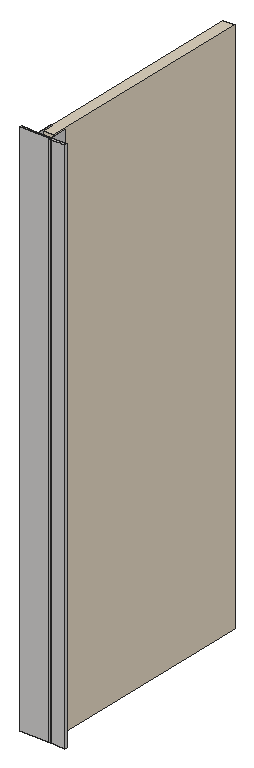
Revit family
Parameters (values of type "As Specified in 10 21 00")
  Warranty Duration (Years) = 0
  URL = "http://www.generalpartitions.com\r\n"
  Type Comments = "Urinal Screen"
  Stall Width = 2' - 0"
  Stall Depth [instance] = 1' - 6"
  Panel Thickness = 0' - 0 7/8"
  Panel Height [instance] = 3' - 6"
  End Panel_Right Side [instance] = yes
  Specification = "http://www.arcat.com/sd/clients/genparti.html?coid=32730\r\n"
  Send Message = "http://admin.arcat.com/users.pl?action=UserEmail&company=General%20Partitions%20Mfg.%20Corp.&coid=32730&rep=148&fax=814-838-3473&mf=\r\n"
  Sales Information = "http://www.generalpartitions.com/contact-us.php\r\n"
  Revision = "R1_10/2009"
  Reveal Clearance = 0' - 0 1/2"
  Product Properties = "http://www.arcat.com/bim/bim_info.pl?fn=Toilet-Partition_\r\n"
  Product Data = "http://www.arcat.com/arcatcos/cos32/arc32730.html\r\n"
  Panel Material [instance] = Phenolic Core - Color as Specified
  Model = "As Specified in 10 21 00"
  Manufacturer's Notes = ""
  Manufacturer Website = "http://www.generalpartitions.com\r\n"
  Manufacturer Phone = "814-833-1154\r\n"
  Manufacturer Fax = "814-838-3473\r\n"
  Manufacturer Address = "1702 Peninsula Dr.; P. O. Box 8370; Erie; PA 16505\r\n"
  Manufacturer = "General Partitions Mfg. Corp.\r\n"
  Maintenance Schedule (Months) = 0
  Keynote = "10 21 00"
  Installation Phase = ""
  End Panel_Left Side [instance] = yes
  Hardware Finish [instance] = Stainless Steel - Type 304 #4 Brushed Finish
  Expected Lifespan (Years) = 0
  Drawn By = "Robert S. Weygant, CSI, CDT, SCIP"  # constant formula
  Distance from Floor to Panel [instance] = 1' - 0"
  Copyright = "2009, ARCAT, Inc."  # constant formula
  Description = "As Specified in 10 21 00"
  Construction Details = "http://www.generalpartitions.com/information/drawings-installation-details.php\r\n"
  Building Codes = "http://www.generalpartitions.com/information/ada-compliance.php\r\n"
  Assembly Code = "C1010400"
Reference planes (in)
  plane 1: y = 26.56271
  plane 2: x = 14.69467
  plane 3 "Back": y = 32.56271
  plane 4 "Right": x = 13.81967
  plane 5 "Bottom of panel": z = 12
  plane 6 "Top of panel": z = 54
  plane 7 "Bottom Bracket": z = 18
  plane 8 "Top Bracket": z = 48
  plane 9 "Top Hinge": z = 50.75
  plane 10: y = 50.56271
  plane 11: y = 33.06271
  plane 12: z = 0
  plane 13: x = 14.25717
Forms (in)
  Extrusion 1, solid, material "Phenolic Core - Color as Specified" <- "Panel Material", visible <- "End Panel_Right Side"
    sketch origin (0, 0, 0) x (1, 0, 0) y (0, 1, 0)
      loop
        line (13.81967, 33.06271) -> (14.69467, 33.06271) -> (14.69467, 50.56271) -> (13.81967, 50.56271) -> (13.81967, 33.06271)
    from 12 to 54
Lines and regions (in)
  symbolic lines
    curve 1: line (14.69467, 32.56271, 0) -> (13.81967, 32.56271, 0)
Text (in)
  text "Placement Side" at (0, 40.15149, 123.01588), in view "Right"
  text "Placement Side" at (-71.13158, 43.3951, 0), in view "Floor Line"
  text "Placement Side" at (0, 65.23256, 117.93067), in view "Left"
Dimensions and locks (in)
  "Panel Height": plane 5 "Bottom of panel" to plane 6 "Top of panel"
  "Distance from Floor to Panel": host wall to plane 5 "Bottom of panel"
  "Panel Thickness": plane 4 "Right" to plane 2
  locked: plane 8 "Top Bracket" to plane 9 "Top Hinge" at 2.75
  locked: plane 8 "Top Bracket" to plane 6 "Top of panel" at 6
  locked: plane 5 "Bottom of panel" to plane 7 "Bottom Bracket" at 6
  "Reveal Clearance": plane 11 to plane 3 "Back"
  "Stall Depth": plane 10 to plane 3 "Back"
  equal spacing: plane 4 "Right", plane 13, plane 2
  aligned and locked: Extrusion 1 to plane 6 "Top of panel"
  aligned and locked: plane 5 "Bottom of panel" to Extrusion 1
  aligned and locked: plane 10 to Extrusion 1 sketch curve
  aligned and locked: Extrusion 1 sketch curve to plane 11
  aligned and locked: plane 12 to level
  aligned and locked: plane 3 "Back" to host wall
  aligned and locked: plane 3 "Back" to nested 1
  aligned and locked: plane 4 "Right" to nested 1
  aligned and locked: nested 1 to plane 6 "Top of panel"
Automatic sketch dimensions
  curve 1 to host wall = 0' - 0"
  curve 1 to plane 4 "Right" = 0' - 0"
  curve 1 to plane 2 = 0' - 0"
  Extrusion 1 sketch curve to plane 4 "Right" = 0' - 0"
  Extrusion 1 sketch curve to plane 2 = 0' - 0"
Nested families (in)
  nested 1: "Mounting Bracket" at (14.69467, 32.56271, 12) x (-1, 0, 0) z (0, 0, 1), visible <- "End Panel_Right Side", type "Flange"
    with panel thickness 0' - 0 7/8", Hdwr Height 3' - 6"
Definition of nested family "Mounting Bracket"
  Parameters (values of type "Common Mount")
    panel thickness = 0' - 0 1/2"
    hdwr matl = none
    Surfmnt = yes
    Hdwr Height = 0' - 1"
    Assembly Code = ""
  Types (2): name | panel thickness | Surfmnt
    Common Mount | 0' - 0 1/2" | yes
    End Mount | 0' - 1" | no
  Reference planes (in)
    plane 1 "Center (Front/Back)": y = 0
    plane 2 "bottom": z = 0
    plane 3 "Center (Left/Right)": x = 0
    plane 4: y = -1.37133
    plane 5 "top": z = 1
    plane 6: y = -0.12324
  Forms (in)
    Extrusion 1, solid, material <- "hdwr matl"
      sketch origin (0, 0, 0) x (1, 0, 0) y (0, 1, 0)
        loop
          line (0, -1.37133) -> (0, -0.125) -> (0.5, -0.125) -> (0.5, -1.37133) -> (0.625, -1.37133) -> (0.625, -0.12324) -> (2.25, -0.12324) -> (2.25, 0) -> (-0.125, 0) -> (-0.125, -1.37133) -> (0, -1.37133)
      from 0 to 1
    Extrusion 2, solid, material <- "hdwr matl", visible <- "Surfmnt"
      sketch origin (0, 0, 0) x (1, 0, 0) y (0, 1, 0)
        loop
          line (0, 0) -> (-1.25, 0) -> (-1.25, -0.125) -> (0, -0.125) -> (0, 0)
      from 0 to 1
  Dimensions and locks (in)
    "panel thickness": Extrusion 1 sketch curve to Extrusion 1 sketch curve
    locked: Extrusion 1 sketch curve to Extrusion 1 sketch curve at 0.125  (x2)
    locked: plane 4 to plane 1 "Center (Front/Back)" at 1.37133
    locked: Extrusion 1 sketch curve to Extrusion 1 sketch curve at 2.375
    locked: Extrusion 2 sketch curve to Extrusion 2 sketch curve at 0.125
    locked: Extrusion 2 sketch curve to Extrusion 2 sketch curve at 1.25
    "Hdwr Height": plane 5 "top" to plane 2 "bottom"
    locked: plane 6 to plane 1 "Center (Front/Back)" at 0.12324
    "panel thickness": Extrusion 1 to Extrusion 1
    aligned and locked: plane 3 "Center (Left/Right)" to Extrusion 1 sketch curve
    aligned and locked: Extrusion 1 sketch curve to plane 1 "Center (Front/Back)"
    aligned and locked: Extrusion 1 sketch curve to plane 4  (x2)
    aligned and locked: Extrusion 2 sketch curve to plane 1 "Center (Front/Back)"
    aligned and locked: plane 3 "Center (Left/Right)" to Extrusion 2 sketch curve
    aligned and locked: plane 5 "top" to Extrusion 1
    aligned and locked: plane 5 "top" to Extrusion 2
    aligned and locked: Extrusion 1 to plane 2 "bottom"
    aligned and locked: Extrusion 2 to plane 2 "bottom"
  Automatic sketch dimensions
    plane 1 "Center (Front/Back)" to Extrusion 1 sketch curve = 0' - 0.12324"
    plane 1 "Center (Front/Back)" to Extrusion 1 sketch curve = 0' - 0 1/8"
